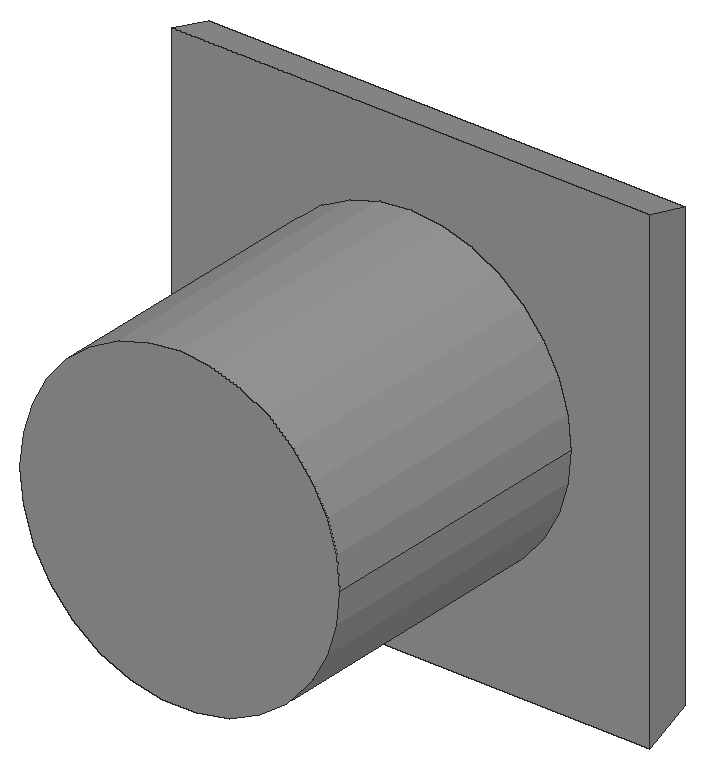
Revit family "Silhouette Fan 125B,H,T", category Mechanical Equipment, Revit 2014
Parameters (values of type "Silhouette 125B")
  Width = "187"
  Weight = ""
  Watts = "20"
  Warrenty Period = ""
  URL = "www.vent-axia.com"
  Swtched Live = yes
  Supply Fuse = ""
  Supply Flow [instance] = 0.0 L/s
  Summer Bypass = yes
  Spigot Size = "125"
  Spigot Depth = "125"
  SAP Q Approved = yes
  Rated Power = ""
  Product Fuse = ""
  Part No. = 0
  Operational and Maintenance Manual = "http://www.vent-axia.com/files/pdf-downloads/F&W%20Instructions_3.pdf"
  Operating Temperature = "-5C - +40C"
  Operating Humidity = ""
  No Volt Contact = yes
  Motor Rating = ""
  Maximum Flow [instance] = 0.0 L/s
  Manufacturer - Email = "sales@vent-axia.com"
  Manufacturer - Contact Phone = "0844 856 0590"
  Manufacturer - Address = "Fleming Way, Crawley, West Sussex RH10 9YX"
  Manufacturer = "Vent-Axia"
  Identity Data = "445161"
  IP Rating = ""
  Height = "187"
  Frost Protection = yes
  Extract Flow [instance] = 45.0 L/s
  Depth = "149"
  Country of Manufacture = "UK"
  Built-In Humidistat = yes
  BMS Connectivity = yes
  App Control = yes
  Ambient Operating Temp = ""
  AC Voltage Input = "220-240V"
  AC Frequency Input = "50Hz"
  22mm or 32mm Condensate Conection = yes
  0V - 10V Proportional Control = yes
Types (4, lengths in mm): name | Operating Temperature | Identity Data
  (no name) | "-5C - +40C" | "445161"
  Silhouette 125B | "-5C - +40C" | "445161"
  Silhouette 125T | "" | "445163"
  Silhouette 125H | "" | "445162"
Reference planes
  plane 1 "Center (Front/Back)": y = 0
  plane 2: z = 0
  plane 3 "Center (Left/Right)": x = 0
  plane 4: z = 93.5
  plane 5: x = -93.5
  plane 6: x = 93.5
  plane 7: z = -93.5
  plane 8: x = -83.5
  plane 9: x = 83.5
  plane 10: x = 0
  plane 11: z = 62.5
  plane 12: z = -62.5
  plane 13: z = -61.3
  plane 14: x = -37.061
  plane 15: z = 59.7
  plane 16: z = -59.709
  plane 17: z = 47.7
  plane 18: y = 0
  plane 19: z = 35.7
  plane 20: z = 23.7
  plane 21: z = 11.7
Forms (mm)
  Extrusion 1, solid, material "Plastic, Opaque White"
    sketch origin (0, 0, 0) x (1, 0, 0) y (0, 0, 1)
      loop
        circle (0, 0) r 62.5
    from 18 to 131
  Extrusion 2, void
    sketch origin (0, 0, 0) x (1, 0, 0) y (0, 0, 1)
      loop
        circle (0, 0) r 62.5
    from 0 to 18
  Blend 3, solid, material "Plastic, Opaque White"
    base sketch origin (0, 0, 0) x (1, 0, 0) y (0, 0, 1)
      loop
        line (-93.5, -93.5) -> (93.5, -93.5) -> (93.5, 93.5) -> (-93.5, 93.5) -> (-93.5, -93.5)
    top sketch origin (0, 0, 0) x (1, 0, 0) y (0, 0, 1)
      loop
        line (-93.466, 88.179) -> (-93.466, -86.821) -> (92.589, -86.821) -> (92.589, 88.179) -> (-93.466, 88.179)
    from 18 to 0
  Extrusion 4, void
    sketch origin (0, 0, 0) x (1, 0, 0) y (0, 0, 1)
      loop
        circle (0, 0) r 62.5
    from 0 to 18
  Extrusion 5, solid, material "Plastic, Opaque White"
    sketch origin (0, 0, 0) x (1, 0, 0) y (0, 0, 1)
      loop
        line (-83.5, 61.291) -> (-83.5, 59.7) -> (83.5, 59.7) -> (83.5, 61.291) -> (-83.5, 61.291)
    from 0 to 2
  Extrusion 6, solid, material "Plastic, Opaque White"
    sketch origin (-475, 0, 0) x (0, 1, 0) y (0, 0, 1)
      loop
        line (0, 61.291) -> (0, 59.7)
        spline (0, 59.7) -> (0.539, 59.727) -> (1.042, 59.806) -> (1.473, 59.933) -> (1.804, 60.098) -> (2.012, 60.29) -> (2.083, 60.495) -> (2.012, 60.701) -> (1.804, 60.893) -> (1.473, 61.058) -> (1.042, 61.184) -> (0.539, 61.264) -> (0, 61.291)
    from 391.5 to 558.5
  Extrusion 7, solid, material "Plastic, Opaque White"
    sketch origin (0, 0, -121) x (1, 0, 0) y (0, 0, 1)
      loop
        line (-83.5, 61.291) -> (-83.5, 59.7) -> (83.5, 59.7) -> (83.5, 61.291) -> (-83.5, 61.291)
    from 0 to 2
  Extrusion 8, solid, material "Plastic, Opaque White"
    sketch origin (-475, 0, -121) x (0, 1, 0) y (0, 0, 1)
      loop
        line (0, 61.291) -> (0, 59.7)
        spline (0, 59.7) -> (0.539, 59.727) -> (1.042, 59.806) -> (1.473, 59.933) -> (1.804, 60.098) -> (2.012, 60.29) -> (2.083, 60.495) -> (2.012, 60.701) -> (1.804, 60.893) -> (1.473, 61.058) -> (1.042, 61.184) -> (0.539, 61.264) -> (0, 61.291)
    from 391.5 to 558.5
  Extrusion 9, solid, material "Plastic, Opaque White"
    sketch origin (0, 0, -60.495) x (1, 0, 0) y (0, 0, 1)
      loop
        line (-83.5, 61.291) -> (-83.5, 59.7) -> (83.5, 59.7) -> (83.5, 61.291) -> (-83.5, 61.291)
    from 0 to 2
  Extrusion 10, solid, material "Plastic, Opaque White"
    sketch origin (-475, 0, -60.495) x (0, 1, 0) y (0, 0, 1)
      loop
        line (0, 61.291) -> (0, 59.7)
        spline (0, 59.7) -> (0.539, 59.727) -> (1.042, 59.806) -> (1.473, 59.933) -> (1.804, 60.098) -> (2.012, 60.29) -> (2.083, 60.495) -> (2.012, 60.701) -> (1.804, 60.893) -> (1.473, 61.058) -> (1.042, 61.184) -> (0.539, 61.264) -> (0, 61.291)
    from 391.5 to 558.5
  Extrusion 11, solid, material "Plastic, Opaque White"
    sketch origin (0, 0, -12.796) x (1, 0, 0) y (0, 0, 1)
      loop
        line (-83.5, 61.291) -> (-83.5, 59.7) -> (83.5, 59.7) -> (83.5, 61.291) -> (-83.5, 61.291)
    from 0 to 2
  Extrusion 12, solid, material "Plastic, Opaque White"
    sketch origin (-475, 0, -12.796) x (0, 1, 0) y (0, 0, 1)
      loop
        line (0, 61.291) -> (0, 59.7)
        spline (0, 59.7) -> (0.539, 59.727) -> (1.042, 59.806) -> (1.473, 59.933) -> (1.804, 60.098) -> (2.012, 60.29) -> (2.083, 60.495) -> (2.012, 60.701) -> (1.804, 60.893) -> (1.473, 61.058) -> (1.042, 61.184) -> (0.539, 61.264) -> (0, 61.291)
    from 391.5 to 558.5
  Extrusion 13, solid, material "Plastic, Opaque White"
    sketch origin (0, 0, -24.796) x (1, 0, 0) y (0, 0, 1)
      loop
        line (-83.5, 61.291) -> (-83.5, 59.7) -> (83.5, 59.7) -> (83.5, 61.291) -> (-83.5, 61.291)
    from 0 to 2
  Extrusion 14, solid, material "Plastic, Opaque White"
    sketch origin (-475, 0, -24.796) x (0, 1, 0) y (0, 0, 1)
      loop
        line (0, 61.291) -> (0, 59.7)
        spline (0, 59.7) -> (0.539, 59.727) -> (1.042, 59.806) -> (1.473, 59.933) -> (1.804, 60.098) -> (2.012, 60.29) -> (2.083, 60.495) -> (2.012, 60.701) -> (1.804, 60.893) -> (1.473, 61.058) -> (1.042, 61.184) -> (0.539, 61.264) -> (0, 61.291)
    from 391.5 to 558.5
  Extrusion 15, solid, material "Plastic, Opaque White"
    sketch origin (0, 0, -36.796) x (1, 0, 0) y (0, 0, 1)
      loop
        line (-83.5, 61.291) -> (-83.5, 59.7) -> (83.5, 59.7) -> (83.5, 61.291) -> (-83.5, 61.291)
    from 0 to 2
  Extrusion 16, solid, material "Plastic, Opaque White"
    sketch origin (-475, 0, -36.796) x (0, 1, 0) y (0, 0, 1)
      loop
        line (0, 61.291) -> (0, 59.7)
        spline (0, 59.7) -> (0.539, 59.727) -> (1.042, 59.806) -> (1.473, 59.933) -> (1.804, 60.098) -> (2.012, 60.29) -> (2.083, 60.495) -> (2.012, 60.701) -> (1.804, 60.893) -> (1.473, 61.058) -> (1.042, 61.184) -> (0.539, 61.264) -> (0, 61.291)
    from 391.5 to 558.5
  Extrusion 17, solid, material "Plastic, Opaque White"
    sketch origin (0, 0, -48.796) x (1, 0, 0) y (0, 0, 1)
      loop
        line (-83.5, 61.291) -> (-83.5, 59.7) -> (83.5, 59.7) -> (83.5, 61.291) -> (-83.5, 61.291)
    from 0 to 2
  Extrusion 18, solid, material "Plastic, Opaque White"
    sketch origin (-475, 0, -48.796) x (0, 1, 0) y (0, 0, 1)
      loop
        line (0, 61.291) -> (0, 59.7)
        spline (0, 59.7) -> (0.539, 59.727) -> (1.042, 59.806) -> (1.473, 59.933) -> (1.804, 60.098) -> (2.012, 60.29) -> (2.083, 60.495) -> (2.012, 60.701) -> (1.804, 60.893) -> (1.473, 61.058) -> (1.042, 61.184) -> (0.539, 61.264) -> (0, 61.291)
    from 391.5 to 558.5
  Extrusion 19, solid, material "Plastic, Opaque White"
    sketch origin (0, 0, -73.291) x (1, 0, 0) y (0, 0, 1)
      loop
        line (-83.5, 61.291) -> (-83.5, 59.7) -> (83.5, 59.7) -> (83.5, 61.291) -> (-83.5, 61.291)
    from 0 to 2
  Extrusion 20, solid, material "Plastic, Opaque White"
    sketch origin (-475, 0, -73.291) x (0, 1, 0) y (0, 0, 1)
      loop
        line (0, 61.291) -> (0, 59.7)
        spline (0, 59.7) -> (0.539, 59.727) -> (1.042, 59.806) -> (1.473, 59.933) -> (1.804, 60.098) -> (2.012, 60.29) -> (2.083, 60.495) -> (2.012, 60.701) -> (1.804, 60.893) -> (1.473, 61.058) -> (1.042, 61.184) -> (0.539, 61.264) -> (0, 61.291)
    from 391.5 to 558.5
  Extrusion 21, solid, material "Plastic, Opaque White"
    sketch origin (0, 0, -85.291) x (1, 0, 0) y (0, 0, 1)
      loop
        line (-83.5, 61.291) -> (-83.5, 59.7) -> (83.5, 59.7) -> (83.5, 61.291) -> (-83.5, 61.291)
    from 0 to 2
  Extrusion 22, solid, material "Plastic, Opaque White"
    sketch origin (-475, 0, -85.291) x (0, 1, 0) y (0, 0, 1)
      loop
        line (0, 61.291) -> (0, 59.7)
        spline (0, 59.7) -> (0.539, 59.727) -> (1.042, 59.806) -> (1.473, 59.933) -> (1.804, 60.098) -> (2.012, 60.29) -> (2.083, 60.495) -> (2.012, 60.701) -> (1.804, 60.893) -> (1.473, 61.058) -> (1.042, 61.184) -> (0.539, 61.264) -> (0, 61.291)
    from 391.5 to 558.5
  Extrusion 23, solid, material "Plastic, Opaque White"
    sketch origin (0, 0, -97.291) x (1, 0, 0) y (0, 0, 1)
      loop
        line (-83.5, 61.291) -> (-83.5, 59.7) -> (83.5, 59.7) -> (83.5, 61.291) -> (-83.5, 61.291)
    from 0 to 2
  Extrusion 24, solid, material "Plastic, Opaque White"
    sketch origin (-475, 0, -97.291) x (0, 1, 0) y (0, 0, 1)
      loop
        line (0, 61.291) -> (0, 59.7)
        spline (0, 59.7) -> (0.539, 59.727) -> (1.042, 59.806) -> (1.473, 59.933) -> (1.804, 60.098) -> (2.012, 60.29) -> (2.083, 60.495) -> (2.012, 60.701) -> (1.804, 60.893) -> (1.473, 61.058) -> (1.042, 61.184) -> (0.539, 61.264) -> (0, 61.291)
    from 391.5 to 558.5
  Extrusion 25, solid, material "Plastic, Opaque White"
    sketch origin (0, 0, -109.291) x (1, 0, 0) y (0, 0, 1)
      loop
        line (-83.5, 61.291) -> (-83.5, 59.7) -> (83.5, 59.7) -> (83.5, 61.291) -> (-83.5, 61.291)
    from 0 to 2
  Extrusion 26, solid, material "Plastic, Opaque White"
    sketch origin (-475, 0, -109.291) x (0, 1, 0) y (0, 0, 1)
      loop
        line (0, 61.291) -> (0, 59.7)
        spline (0, 59.7) -> (0.539, 59.727) -> (1.042, 59.806) -> (1.473, 59.933) -> (1.804, 60.098) -> (2.012, 60.29) -> (2.083, 60.495) -> (2.012, 60.701) -> (1.804, 60.893) -> (1.473, 61.058) -> (1.042, 61.184) -> (0.539, 61.264) -> (0, 61.291)
    from 391.5 to 558.5
Cuts and joins
  Extrusion 2, Extrusion 4 cuts Extrusion 1
  Extrusion 4 cuts Blend 3
  joined: Extrusion 5, Extrusion 6
Dimensions and locks
  aligned and locked: level to plane 2
Connectors
  hvac at (0, -131, 0)
    settings: on cut or joined group of Extrusion 1, Extrusion 2, Extrusion 4, index 1, duct flow 0.0 L/s, flow factor 0, pres drop 0.0 Pa, loss coef 0, conn angle 0.00°, conn width 304.8 mm, conn height 304.8 mm, conn diameter 125 mm, duct sys type 3, conn prof type 0, flow config 0, flow direction 2, loss method 0, conn ref index -1, conn util no, is conn primary yes, conn desc ""
